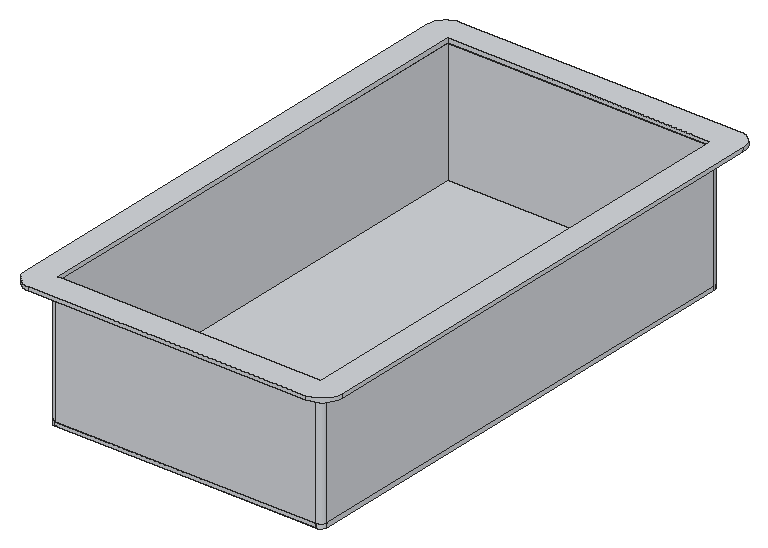
Revit family "PDLB2", category Generic Models, Revit 2017
Family settings
  Can host rebar = No
  Round Connector Dimension = Use Diameter
  Part Type = Normal
  Work Plane-Based = Yes
  Always vertical = No
  Cut with Voids When Loaded = No
  Shared = No
  Room Calculation Point = No
Parameters (values of type "NBS Standard Parameters")
  Weight = "0.07Kg"
  WarrantyStartDate [instance] = "1900-12-31T23:59:59"
  WarrantyGuarantorParts = "n/a"
  WarrantyGuarantorLabor = "n/a"
  WarrantyDurationUnit = "1 year"
  WarrantyDurationParts = "n/a"
  WarrantyDurationLabor = "n/a"
  WarrantyDescription = "n/a"
  Version = "1"
  Uniclass2 = "Pr_65_72_97_84"
  TagNumber [instance] = "n/a"
  SustainabilityPerformance = "n/a"
  Size = "35mm"
  Shape = "Rectangular"
  SerialNumber [instance] = "n/a"
  Revision = "n/a"
  ReplacementCost = "n/a"
  ProductInformation = "www.metpro.co.uk/pdf/pdlb2.pdf"
  NominalWidth = 83.4 mm
  NominalLength = 143.4 mm
  NominalHeight = 35 mm
  Name = ""
  NBSTypeID = ""
  NBSReference = "90-60-25/345"
  NBSOfficeMasterTag = ""
  NBSNote = ""
  NBSDescription = "Standard Socket Outlets"
  NBSCertification = ""
  ModelReference = "PDLB2"
  ModelNumber = "n/a"
  Material = "PVC"
  ManufacturerURL = "www.metpro.co.uk"
  ManufacturerName = "Metpro Ltd"
  Keynote = ""
  InstallationDate [instance] = "1900-12-31T23:59:59"
  IfcExportType = ""
  IfcExportAs = ""
  Grade = "n/a"
  Finish = "White"
  Features = "n/a"
  ExpectedLife = "n/a"
  DurationUnit = "year"
  Description = "PDLB2 - 35mm Dry Lining Box - 2 Gang"
  Default Elevation = 1219.2 mm
  Constituents = "n/a"
  Color = "n/a"
  CodePerformance = "n/a"
  Category = "n/a"
  BarCode [instance] = "n/a"
  BIMObjectName = "Metpro_metprolibrary_Standardsocketoutlets_switchandsocketboxes_PVC"
  Author = "Metpro Ltd"
  AssetType = ""
  AssetIdentifier [instance] = "n/a"
  AccessibilityPerformance = "n/a"
Reference planes
  plane 1 "Center (Front/Back)": y = 0
  plane 2: z = 0
  plane 3 "Center (Left/Right)": x = 0
Forms (mm)
  Extrusion 1, solid
    sketch origin (0, 0, 0) x (1, 0, 0) y (0, 1, 0)
      loop
        arc (-48.247, -140.52) -> (-47.187, -140.081) -> (-46.747, -139.02) r 1.5
        line (-46.747, -139.02) -> (-46.747, -9.02)
        arc (-46.747, -9.02) -> (-47.187, -7.959) -> (-48.247, -7.52) r 1.5
        line (-48.247, -7.52) -> (-118.247, -7.52)
        arc (-118.247, -7.52) -> (-119.308, -7.959) -> (-119.747, -9.02) r 1.5
        line (-119.747, -9.02) -> (-119.747, -139.02)
        arc (-119.747, -139.02) -> (-119.308, -140.081) -> (-118.247, -140.52) r 1.5
        line (-118.247, -140.52) -> (-48.247, -140.52)
    from 0 to 1
  Extrusion 2, solid
    sketch origin (0, 0, 0) x (1, 0, 0) y (0, 1, 0)
      loop
        line (-46.747, -138.777) -> (-46.747, -9.268)
        arc (-46.747, -9.268) -> (-47.259, -8.032) -> (-48.495, -7.52) r 1.748
        line (-48.495, -7.52) -> (-118.078, -7.52)
        arc (-118.078, -7.52) -> (-119.258, -8.009) -> (-119.747, -9.189) r 1.669
        line (-119.747, -9.189) -> (-119.747, -138.775)
        arc (-119.747, -138.775) -> (-119.236, -140.009) -> (-118.003, -140.52) r 1.745
        line (-118.003, -140.52) -> (-48.491, -140.52)
        arc (-48.491, -140.52) -> (-47.258, -140.009) -> (-46.747, -138.777) r 1.743
      loop
        line (-47.947, -139.317) -> (-47.947, -8.72) -> (-118.547, -8.72) -> (-118.547, -139.317) -> (-47.947, -139.317)
    from 0 to 34
  Extrusion 3, solid
    sketch origin (0, 0, 34) x (1, 0, 0) y (0, 1, 0)
      loop
        line (-47.947, -8.72) -> (-118.547, -8.72) -> (-118.547, -139.32) -> (-47.947, -139.32) -> (-47.947, -8.72)
      loop
        arc (-40.947, -6.72) -> (-42.412, -3.184) -> (-45.947, -1.72) r 5
        line (-45.947, -1.72) -> (-120.547, -1.72)
        arc (-120.547, -1.72) -> (-124.083, -3.184) -> (-125.547, -6.72) r 5
        line (-125.547, -6.72) -> (-125.547, -141.32)
        arc (-125.547, -141.32) -> (-124.083, -144.855) -> (-120.547, -146.32) r 5
        line (-120.547, -146.32) -> (-46.347, -146.32)
        arc (-46.347, -146.32) -> (-42.529, -144.738) -> (-40.947, -140.92) r 5.4
        line (-40.947, -140.92) -> (-40.947, -6.72)
    from 0 to 1
Dimensions and locks
  aligned and locked: level to plane 2
